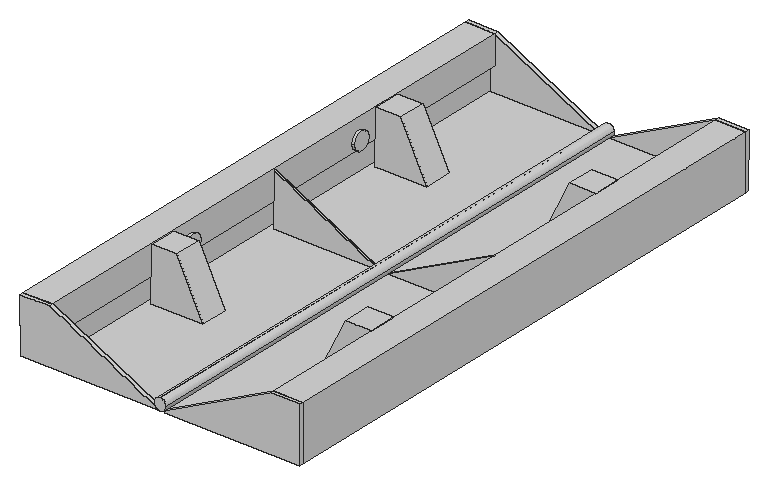
Revit family "MF_INSIDE HINGED CORNER 4'_1904164", category Generic Models, Revit 2018
Family settings
  Can host rebar = No
  Round Connector Dimension = Use Diameter
  Part Type = Normal
  OmniClass Number = 35.51.14.00
  OmniClass Title = FORMWORK
  Work Plane-Based = Yes
  Always vertical = No
  Cut with Voids When Loaded = No
  Shared = Yes
  Room Calculation Point = No
Parameters
  VERSION = "20190101"  # constant formula
  URL = "www.ulmaconstruction.com/en"
  UNICLASS = ""
  REAL ANGLE [instance] = if(ANGLE < 61.00°, 61.00°, if(ANGLE < 180.00°, ANGLE, 180.00°))  # 180.00°
  ITEM_CODE = "1904164"
  Manufacturer = "ULMA CONSTRUCTION"  # constant formula
  INSERTION PLANE POSITION [instance] = if(0.77248" - INSERTION PLANE CALCULATION < 0", 0", 0.77248" - INSERTION PLANE CALCULATION)  # 0.77248"
  INSERTION PLANE CALCULATION [instance] = if(REAL ANGLE = 180.00°, 0", (0.49213" * sin(90.00° - REAL ANGLE) + 0.49213") * tan(90.00° - REAL ANGLE) + 0.49213" * cos(90.00° - REAL ANGLE))  # 0"
  FILTER [instance] = ""
  Default Elevation = 0"
  CLASSIFICATION_TITLE = ""
  CLASSIFICATION_NUMBER = ""
  ANGLE [instance] = 180.00°
Reference planes (in)
  plane 1 "Centro (Frontal/Posterior)": y = 0
  plane 2: z = 0
  plane 3 "Centro (Izquierda/Derecha)": x = 0
  plane 4 "ITEM_HEIGHT": y = 48
  plane 5 "CENTER": z = 0.49213
  plane 6 "INSERTION PLANE": x = 0
  plane 7 "INSERTION PLANE BASE": x = 0.77248
Lines and regions (in)
  reference lines
    curve 1: line (0, 0, 0.49213) -> (12.25, 0, 0.49213)
Dimensions and locks (in)
  locked: plane 1 "Centro (Frontal/Posterior)" to plane 4 "ITEM_HEIGHT" at 48
  locked: plane 7 "INSERTION PLANE BASE" to plane 3 "Centro (Izquierda/Derecha)" at 0.77248
  "INSERTION PLANE POSITION": plane 7 "INSERTION PLANE BASE" to plane 6 "INSERTION PLANE"
  "REAL ANGLE": angle curve 1 to plane 5 "CENTER"
  aligned and locked: level to plane 2
  aligned and locked: plane 3 "Centro (Izquierda/Derecha)" to curve 1
  aligned and locked: plane 5 "CENTER" to curve 1
Nested families (in)
  nested 1: "MEDIA ESCUADRA INT 4' - 1904945_PANELS" at (0, 0, 0), type "MEDIA ESCUADRA INT 4' - 1904945_PANELS"
    with FILTER ""
  nested 2: "MEDIA ESCUADRA INT 4' - 1904945_PANELS" at (0, 0, 0) x (-1, 0, 0) z (0, 0, 1), type "MEDIA ESCUADRA INT 4' - 1904945_PANELS"
    with FILTER ""
Definition of nested family "MEDIA ESCUADRA INT 4' - 1904945_PANELS"
  Parameters (values of type "MEDIA ESCUADRA INT 4' - 1904945_PANELS")
    VERSION = "20170217"  # constant formula
    URL = "www.ulmaconstruction.com/en"
    UNICLASS = ""
    Manufacturer = "ULMA CONSTRUCTION"  # constant formula
    FILTER [instance] = ""
    Default Elevation = 0"
    CLASSIFICATION_TITLE = ""
    CLASSIFICATION_NUMBER = ""
  Reference planes (in)
    plane 1 "Centro (Frontal/Posterior)": y = 0
    plane 2: z = 0
    plane 3 "Centro (Izquierda/Derecha)": x = 0
  Forms (in)
    Extrusion 1, solid, detail levels fine
      sketch origin (0, 0, 0) x (1, 0, 0) y (0, 0, 1)
        loop
          line (-9.44094, 4.72441) -> (-12, 4.72441) -> (-12, 0) -> (-0.35827, 0) -> (-0.35827, 0.15748) -> (-9.93307, 0.15748) -> (-9.93307, 1.99583) -> (-9.44094, 2.20472) -> (-9.44094, 4.72441)
      from -47.68504 to -0.31496
    Extrusion 2, solid
      sketch origin (0, 0, 0) x (1, 0, 0) y (0, 0, 1)
        loop
          circle (0, 0.49213) r 0.49213
      from -48 to 0
    Extrusion 3, solid, detail levels coarse+medium
      sketch origin (0, 0, 0) x (1, 0, 0) y (0, 0, 1)
        loop
          line (-12, 4.72441) -> (-12, 0) -> (-0.35827, 0) -> (-0.35827, 0.15748) -> (-9.44094, 4.72441) -> (-12, 4.72441)
      from -48 to 0
    Extrusion 4, solid, detail levels fine
      sketch origin (0, 0, 0) x (1, 0, 0) y (0, 0, 1)
        loop
          line (-12, 4.72441) -> (-12, 0) -> (-0.35827, 0) -> (-0.35827, 0.15748) -> (-9.44094, 4.72441) -> (-12, 4.72441)
      from -0.31496 to 0
    Extrusion 5, solid, detail levels fine
      sketch origin (0, 119.68504, 0) x (1, 0, 0) y (0, 0, 1)
        loop
          line (-12, 4.72441) -> (-12, 0) -> (-0.35827, 0) -> (-0.35827, 0.15748) -> (-9.44094, 4.72441) -> (-12, 4.72441)
      from 71.68504 to 72
    Extrusion 6, solid, detail levels fine
      sketch origin (0, 16.53543, 0) x (1, 0, 0) y (0, 0, 1)
        loop
          line (-0.35827, 0.15748) -> (-9.44094, 4.72441) -> (-9.44094, 0.15748) -> (-0.35827, 0.15748)
      from -7.54331 to -7.38583
    Extrusion 7, solid, detail levels fine
      sketch origin (0, 12.59843, 0) x (1, 0, 0) y (0, 0, 1)
        loop
          line (-7.23673, 4.72441) -> (-9.44094, 4.72441) -> (-9.44094, 0.15748) -> (-5.01181, 0.15748) -> (-7.23673, 4.72441)
      from -0.58268 to 1.77953
    Extrusion 8, solid, detail levels fine
      sketch origin (0, 38.18898, 0) x (1, 0, 0) y (0, 0, 1)
        loop
          line (-7.23673, 4.72441) -> (-9.44094, 4.72441) -> (-9.44094, 0.15748) -> (-5.01181, 0.15748) -> (-7.23673, 4.72441)
      from 1.00787 to 3.37008
    Extrusion 9, solid, detail levels fine
      sketch origin (0, 0, 0) x (0, 1, 0) y (0, 0, 1)
        loop
          circle (15, 3.03937) r 0.74803
        loop
          circle (33, 3.03937) r 0.74803
      from -9.44094 to -9.12598
  Lines and regions (in)
    model lines, detail levels fine
      curve 1: circle (-7.27559, 0, 2.51969) r 0.40354 normal (0, -1, 0)
      curve 2: circle (-7.27559, 10.8189, 2.51969) r 0.40354 normal (0, -1, 0)
      curve 3: circle (-7.27559, 34.8189, 2.51969) r 0.40354 normal (0, -1, 0)
      curve 4: circle (-7.27559, 47.68504, 2.51969) r 0.40354 normal (0, -1, 0)
      curve 5: circle (-7.27559, 0.31496, 2.51969) r 0.40354 normal (0, -1, 0)
      curve 6: circle (-7.27559, 13.1811, 2.51969) r 0.40354 normal (0, -1, 0)
      curve 7: circle (-7.27559, 37.1811, 2.51969) r 0.40354 normal (0, -1, 0)
      curve 8: circle (-7.27559, 48, 2.51969) r 0.40354 normal (0, -1, 0)
      curve 9: arc (-9.89425, 21.90945, 4.72441) -> (-10.72047, 22.73567, 4.72441) -> (-11.54669, 21.90945, 4.72441) r 0.82622
      curve 10: line (-11.54669, 21.90945, 4.72441) -> (-11.54669, 21.00394, 4.72441)
      curve 11: arc (-11.54669, 21.00394, 4.72441) -> (-10.72047, 20.17772, 4.72441) -> (-9.89425, 21.00394, 4.72441) r 0.82622
      curve 12: line (-9.89425, 21.00394, 4.72441) -> (-9.89425, 21.90945, 4.72441)
      curve 13: circle (-10.72047, 21.45669, 0) r 0.82677 normal (0, 0, 1)
      curve 14: circle (-9.12598, 15, 3.03937) r 0.43307 normal (1, 0, 0)
      curve 15: circle (-9.12598, 33, 3.03937) r 0.43307 normal (1, 0, 0)
      curve 16: circle (-12, 15, 3.03937) r 0.43307 normal (1, 0, 0)
      curve 17: circle (-12, 33, 3.03937) r 0.43307 normal (1, 0, 0)
      curve 18: circle (-10.72047, 46.38583, 0) r 0.82677 normal (0, 0, 1)
      curve 19: circle (-10.72047, 46.38583, 4.72441) r 0.82677 normal (0, 0, 1)
  Dimensions and locks (in)
    aligned and locked: level to plane 2
    aligned and locked: Extrusion 9 to Extrusion 1
